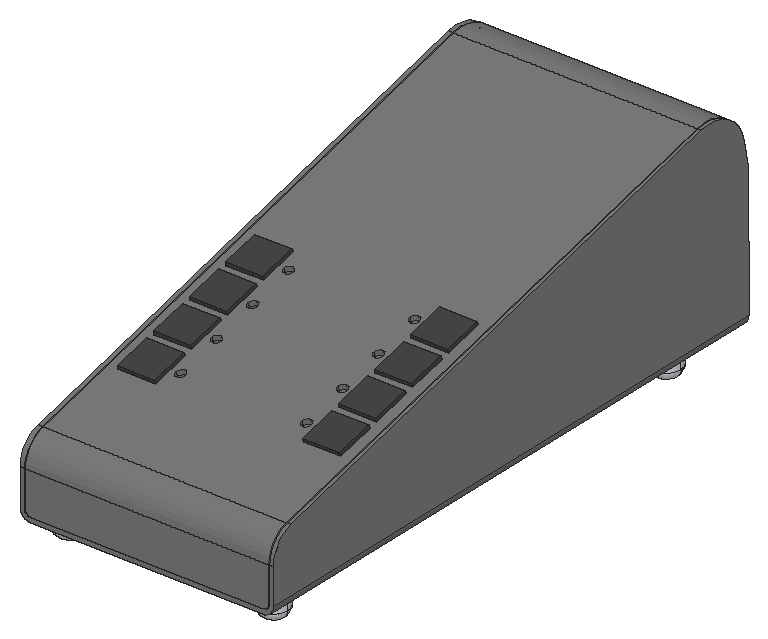
Revit family "LDA_BIM_MICROFONO-UNIDAD EXPANSION_MPS-8K", category Equipos especializados, Revit 2021
Family settings
  Cota de conector redondo = Diámetro de uso
  Tipo de pieza = Normal
  Número OmniClass = 23.85.05.17
  Título OmniClass = Complete Audio-Visual Systems
  Se basa en plano de trabajo = Sí
  Siempre vertical = No
  Corte con vacíos al cargar = Sí
  Compartido = No
  Punto de cálculo de habitación = No
Parameters (values of type "MPS-8K")
  URL = "http://support.lda-audiotech.com/sites/default/files/datasheets/LDA_MPS-8K_es.pdf"
  Accesorios = "Elementos de anclaje y conexión a MPS-8Z y etiqueta para identificador de botón"
  Dimensiones (W x H x D) = "86 x 75 x 200 mm / 3.4\" x 2.9\" x 7.9\""
  Material = "Fe 1,5 mm / 0,15\""
  Referencia = "LDAMPS8KS01"
  Condiciones de funcionamiento = "Entre -5ºC y +45ºC / 23ºF y 113ºF 5"
  Imagen de tipo = <Ninguno>
  Peso neto = "0,85 Kg / 1.9 lb"
  Botones = "8 x selección de zona"
  Peso bruto = "1,2 Kg / 2.6 lb"
  Dimensiones embalaje (W x H x D) = "380 x 100 x 320 mm / 15\" x 3.9\" x 12.6\""
  Keynote = ""
  Modelo = "MPS-8K"
  Fabricante = "LDA"
  Default Elevation = 0 mm
  Dibujado por = "bmate@ruybesa.es"
  Descripción = "Unidad de expansión modelo LDA MPS-8K para el micrófono de megafonía MPS-8Z."
  Assembly Code = ""
  Type Comments = ""
  Color = "Gris RAL 7016 y Negro RAL 9005"
Reference planes
  plane 1 "VH": y = 0
  plane 2 "HH": z = 0
  plane 3 "VV-1": x = 0
  plane 4 "Base": through (4267.2, -26.936, 22.88) normal (0, -0.2418, 0.9703)
  plane 5: through (4267.2, 153.346, 39.414) normal (0, -0.9781, -0.2079)
  plane 6 "VV": x = 42.7
  plane 7: y = 200
  plane 8: z = 75
Forms (mm)
  Sweep 1, solid
    path origin (0, 0, 0) x (1, 0, 0) y (0, 0, 1)
      loop
        line (0, 22.096) -> (0, 10)
        arc (0, 10) -> (1.025, 7.525) -> (3.5, 6.5) r 3.5
        line (3.5, 6.5) -> (81.9, 6.5)
        arc (81.9, 6.5) -> (84.375, 7.525) -> (85.4, 10) r 3.5
        line (85.4, 10) -> (85.4, 22.096)
    profile origin (0, 0, 16.048) x (0, -1, 0) y (1, 0, 0)
      loop
        line (0, 0) -> (0, 1.5) -> (-200, 1.5) -> (-200, 0) -> (0, 0)
  Extrusion 2, solid
    sketch origin (0, 0, 0) x (0, 1, 0) y (0, 0, 1)
      loop
        line (200, 22.096) -> (200, 55.013) -> (198.193, 63.515)
        arc (198.193, 63.515) -> (191.694, 72.796) -> (180.504, 74.57) r 14.5
        line (180.504, 74.57) -> (7.604, 31.487)
        arc (7.604, 31.487) -> (2.139, 28.138) -> (0, 22.096) r 9.6
        line (0, 22.096) -> (200, 22.096)
    from 0 to 1.5
  Extrusion 3, solid
    sketch origin (85.4, 0, 0) x (0, 1, 0) y (0, 0, -1)
      loop
        line (200, -22.096) -> (0, -22.096)
        arc (0, -22.096) -> (2.139, -28.138) -> (7.604, -31.487) r 9.6
        line (7.604, -31.487) -> (180.504, -74.57)
        arc (180.504, -74.57) -> (191.694, -72.796) -> (198.193, -63.515) r 14.5
        line (198.193, -63.515) -> (200, -55.013) -> (200, -22.096)
    from 0 to 1.5
  Revolve 4, solid
    sketch origin (0, 10.274, 0) x (1, 0, 0) y (0, 0, 1)
      loop
        line (8.25, 16.6) -> (6.25, 16.6) -> (4.851, 12.2) -> (4.851, 6.5) -> (3.5, 6.5) -> (3.5, 3)
        arc (3.5, 3) -> (4.379, 0.879) -> (6.5, 0) r 3
        line (6.5, 0) -> (8.25, 0) -> (8.25, 16.6)
      axis (8.25, 16.6) -> (8.25, 0)
    angle from 0 to 360
  Revolve 5, solid
    sketch origin (85.4, 10.274, 0) x (-1, 0, 0) y (0, 0, -1)
      loop
        line (8.25, -16.6) -> (8.25, 0) -> (6.5, 0)
        arc (6.5, 0) -> (4.379, -0.879) -> (3.5, -3) r 3
        line (3.5, -3) -> (3.5, -6.5) -> (4.851, -6.5) -> (4.851, -12.2) -> (6.25, -16.6) -> (8.25, -16.6)
      axis (8.25, -16.6) -> (8.25, 0)
    angle from 0 to 360
  Revolve 6, solid
    sketch origin (0, 175.852, 0) x (1, 0, 0) y (0, 0, -1)
      loop
        line (8.25, -16.6) -> (8.25, 0) -> (6.5, 0)
        arc (6.5, 0) -> (4.379, -0.879) -> (3.5, -3) r 3
        line (3.5, -3) -> (3.5, -6.5) -> (4.851, -6.5) -> (4.851, -12.2) -> (6.25, -16.6) -> (8.25, -16.6)
      axis (8.25, -16.6) -> (8.25, 0)
    angle from 0 to 360
  Revolve 7, solid
    sketch origin (85.4, 175.852, 0) x (-1, 0, 0) y (0, 0, 1)
      loop
        line (8.25, 16.6) -> (6.25, 16.6) -> (4.851, 12.2) -> (4.851, 6.5) -> (3.5, 6.5) -> (3.5, 3)
        arc (3.5, 3) -> (4.379, 0.879) -> (6.5, 0) r 3
        line (6.5, 0) -> (8.25, 0) -> (8.25, 16.6)
      axis (8.25, 16.6) -> (8.25, 0)
    angle from 0 to 360
  Extrusion 8, void
    sketch origin (4.574, -147.843, 0) x (0, 1, 0) y (1, 0, 0)
      loop
        circle (158.117, 3.676) r 3.4
    from -6.5 to -10
  Extrusion 9, void
    sketch origin (73.474, -147.843, 0) x (0, 1, 0) y (1, 0, 0)
      loop
        circle (158.117, 3.676) r 3.4
    from -6.5 to -10
  Extrusion 10, void
    sketch origin (4.574, 17.735, 0) x (0, 1, 0) y (1, 0, 0)
      loop
        circle (158.117, 3.676) r 3.4
    from -6.5 to -10
  Extrusion 11, void
    sketch origin (73.474, 17.735, 0) x (0, 1, 0) y (1, 0, 0)
      loop
        circle (158.117, 3.676) r 3.4
    from -6.5 to -10
  Extrusion 12, solid
    sketch origin (0, 0, 0) x (1, 0, 0) y (0, 0, 1)
      loop
        line (1.5, 18.395) -> (1.5, 9.97)
        arc (1.5, 9.97) -> (2.077, 8.577) -> (3.47, 8) r 1.97
        line (3.47, 8) -> (81.937, 8)
        arc (81.937, 8) -> (83.325, 8.575) -> (83.9, 9.963) r 1.963
        line (83.9, 9.963) -> (83.9, 18.395) -> (1.5, 18.395)
    from 0 to -1.5
  Extrusion 13, solid
    sketch origin (-72.5, 0, 0) x (0, 0, 1) y (0, 1, 0)
      loop
        line (31.487, 7.604) -> (74.57, 180.504)
        arc (74.57, 180.504) -> (72.796, 191.694) -> (63.515, 198.193) r 14.5
        line (63.515, 198.193) -> (55.013, 200) -> (16.6, 200) -> (16.6, 198.5) -> (54.856, 198.5) -> (63.203, 196.726)
        arc (63.203, 196.726) -> (71.524, 190.9) -> (73.114, 180.867) r 13
        line (73.114, 180.867) -> (30.019, 7.916)
        arc (30.019, 7.916) -> (27.194, 3.305) -> (22.096, 1.5) r 8.1
        line (22.096, 1.5) -> (18.395, 1.5) -> (18.395, 0) -> (22.096, 0)
        arc (22.096, 0) -> (28.138, 2.139) -> (31.487, 7.604) r 9.6
    from -156.4 to -74
  Extrusion 14, solid
    sketch origin (0, 7.283, 0.623) x (1, 0, 0) y (0, 0.97033, 0.241786)
      loop
        line (5.197, 95.19) -> (5.197, 82.577) -> (17.793, 82.577) -> (17.793, 95.19) -> (5.197, 95.19)
      loop
        line (67.607, 95.163) -> (67.607, 82.549) -> (80.202, 82.549) -> (80.202, 95.163) -> (67.607, 95.163)
      loop
        line (5.197, 79.59) -> (5.197, 66.977) -> (17.793, 66.977) -> (17.793, 79.59) -> (5.197, 79.59)
      loop
        line (67.607, 79.563) -> (67.607, 66.949) -> (80.202, 66.949) -> (80.202, 79.563) -> (67.607, 79.563)
      loop
        line (5.197, 63.99) -> (5.197, 51.377) -> (17.793, 51.377) -> (17.793, 63.99) -> (5.197, 63.99)
      loop
        line (67.607, 63.963) -> (67.607, 51.349) -> (80.202, 51.349) -> (80.202, 63.963) -> (67.607, 63.963)
      loop
        line (5.197, 48.39) -> (5.197, 35.777) -> (17.793, 35.777) -> (17.793, 48.39) -> (5.197, 48.39)
      loop
        line (67.607, 48.363) -> (67.607, 35.749) -> (80.202, 35.749) -> (80.202, 48.363) -> (67.607, 48.363)
    from 28.37 to 31
  Extrusion 15, solid
    sketch origin (0, 11.92, 0) x (1, 0, 0) y (0, 0, 1)
      loop
        arc (81.9, 8) -> (83.314, 8.586) -> (83.9, 10) r 2
        line (83.9, 10) -> (83.9, 16.6) -> (1.5, 16.6) -> (1.5, 10)
        arc (1.5, 10) -> (2.086, 8.586) -> (3.5, 8) r 2
        line (3.5, 8) -> (81.9, 8)
    from -186.58 to -188.08
  Extrusion 16, void
    sketch origin (0, 7.255, 0.616) x (-1, 0, 0) y (0, 0.97033, 0.241786)
      loop
        line (-5.194, 35.79) -> (-5.194, 48.39) -> (-17.789, 48.39) -> (-17.789, 35.79) -> (-5.194, 35.79)
      loop
        line (-5.194, 51.39) -> (-5.194, 63.99) -> (-17.789, 63.99) -> (-17.789, 51.39) -> (-5.194, 51.39)
      loop
        line (-5.194, 66.99) -> (-5.194, 79.59) -> (-17.789, 79.59) -> (-17.789, 66.99) -> (-5.194, 66.99)
      loop
        line (-5.194, 82.59) -> (-5.194, 95.19) -> (-17.789, 95.19) -> (-17.789, 82.59) -> (-5.194, 82.59)
      loop
        line (-80.197, 35.79) -> (-67.602, 35.79) -> (-67.602, 48.39) -> (-80.197, 48.39) -> (-80.197, 35.79)
      loop
        line (-80.197, 51.39) -> (-67.602, 51.39) -> (-67.602, 63.99) -> (-80.197, 63.99) -> (-80.197, 51.39)
      loop
        line (-80.197, 66.99) -> (-67.602, 66.99) -> (-67.602, 79.59) -> (-80.197, 79.59) -> (-80.197, 66.99)
      loop
        line (-80.197, 82.59) -> (-67.602, 82.59) -> (-67.602, 95.19) -> (-80.197, 95.19) -> (-80.197, 82.59)
      loop
        circle (-21.494, 42.095) r 1.65
      loop
        circle (-21.494, 57.693) r 1.648
      loop
        circle (-21.494, 73.295) r 1.65
      loop
        circle (-21.494, 88.893) r 1.652
      loop
        circle (-63.906, 42.095) r 1.65
      loop
        circle (-63.906, 57.693) r 1.648
      loop
        circle (-63.906, 73.295) r 1.65
      loop
        circle (-63.906, 88.893) r 1.652
    from -29.87 to -28.37
Cuts and joins
  Extrusion 16 cuts Extrusion 12
  Extrusion 16 cuts Extrusion 13
  Extrusion 16 cuts Extrusion 15
  joined: Extrusion 12, Extrusion 13, Extrusion 15
  Extrusion 8, Extrusion 9, Extrusion 10, Extrusion 11 cuts Sweep 1
  joined: Sweep 1, Extrusion 2, Extrusion 3
  Extrusion 16 cuts Extrusion 14
Lines and regions (mm)
  model lines, style "SERIGRAFIA FRONTAL"
    curve 1: arc (60.496, 89.366, 51.86) -> (60.971, 89.185, 51.815) -> (61.194, 88.741, 51.704) r 0.7
    curve 2: arc (61.194, 83.781, 50.468) -> (60.971, 83.336, 50.357) -> (60.496, 83.155, 50.313) r 0.7
    curve 3: arc (24.894, 83.155, 50.313) -> (24.399, 83.354, 50.362) -> (24.194, 83.835, 50.482) r 0.7
    curve 4: arc (24.194, 88.686, 51.691) -> (24.399, 89.167, 51.81) -> (24.894, 89.366, 51.86) r 0.7
    curve 5: arc (60.496, 89.172, 51.812) -> (60.833, 89.045, 51.78) -> (60.994, 88.732, 51.702) r 0.5
    curve 6: arc (60.994, 83.789, 50.47) -> (60.833, 83.476, 50.392) -> (60.496, 83.35, 50.361) r 0.5
    curve 7: arc (24.894, 83.35, 50.361) -> (24.54, 83.492, 50.396) -> (24.394, 83.835, 50.482) r 0.5
    curve 8: arc (24.394, 88.686, 51.691) -> (24.54, 89.029, 51.776) -> (24.894, 89.172, 51.812) r 0.5
    curve 9: arc (60.497, 74.231, 48.089) -> (60.992, 74.032, 48.039) -> (61.197, 73.552, 47.92) r 0.7
    curve 10: arc (61.197, 68.7, 46.711) -> (60.992, 68.22, 46.591) -> (60.497, 68.021, 46.541) r 0.7
    curve 11: arc (24.895, 68.021, 46.541) -> (24.4, 68.22, 46.591) -> (24.195, 68.7, 46.711) r 0.7
    curve 12: arc (24.195, 73.552, 47.92) -> (24.4, 74.032, 48.039) -> (24.895, 74.231, 48.089) r 0.7
    curve 13: arc (60.497, 74.037, 48.04) -> (60.85, 73.895, 48.005) -> (60.997, 73.552, 47.92) r 0.5
    curve 14: arc (60.997, 68.7, 46.711) -> (60.85, 68.357, 46.625) -> (60.497, 68.215, 46.59) r 0.5
    curve 15: arc (24.895, 68.215, 46.59) -> (24.541, 68.357, 46.625) -> (24.395, 68.7, 46.711) r 0.5
    curve 16: arc (24.395, 73.552, 47.92) -> (24.541, 73.895, 48.005) -> (24.895, 74.037, 48.04) r 0.5
    curve 17: arc (60.497, 59.091, 44.316) -> (60.992, 58.892, 44.267) -> (61.197, 58.412, 44.147) r 0.7
    curve 18: arc (61.197, 53.56, 42.938) -> (60.992, 53.08, 42.818) -> (60.497, 52.881, 42.769) r 0.7
    curve 19: arc (24.895, 52.881, 42.769) -> (24.4, 53.08, 42.818) -> (24.195, 53.56, 42.938) r 0.7
    curve 20: arc (24.195, 58.412, 44.147) -> (24.4, 58.892, 44.267) -> (24.895, 59.091, 44.316) r 0.7
    curve 21: arc (60.497, 58.897, 44.268) -> (60.851, 58.755, 44.232) -> (60.997, 58.412, 44.147) r 0.5
    curve 22: arc (60.997, 53.56, 42.938) -> (60.851, 53.217, 42.853) -> (60.497, 53.075, 42.817) r 0.5
    curve 23: arc (24.895, 53.075, 42.817) -> (24.541, 53.217, 42.853) -> (24.395, 53.56, 42.938) r 0.5
    curve 24: arc (24.395, 58.412, 44.147) -> (24.541, 58.755, 44.232) -> (24.895, 58.897, 44.268) r 0.5
    curve 25: arc (60.494, 43.956, 40.545) -> (60.989, 43.757, 40.495) -> (61.194, 43.277, 40.376) r 0.7
    curve 26: arc (61.194, 38.425, 39.167) -> (60.989, 37.945, 39.047) -> (60.494, 37.746, 38.997) r 0.7
    curve 27: arc (24.892, 37.746, 38.997) -> (24.397, 37.945, 39.047) -> (24.192, 38.425, 39.167) r 0.7
    curve 28: arc (24.192, 43.277, 40.376) -> (24.397, 43.757, 40.495) -> (24.892, 43.956, 40.545) r 0.7
    curve 29: arc (60.494, 43.762, 40.497) -> (60.847, 43.62, 40.461) -> (60.994, 43.277, 40.376) r 0.5
    curve 30: arc (60.994, 38.425, 39.167) -> (60.847, 38.082, 39.081) -> (60.494, 37.94, 39.046) r 0.5
    curve 31: arc (24.892, 37.94, 39.046) -> (24.538, 38.082, 39.081) -> (24.392, 38.425, 39.167) r 0.5
    curve 32: arc (24.392, 43.277, 40.376) -> (24.538, 43.62, 40.461) -> (24.892, 43.762, 40.497) r 0.5
    curve 33: line (61.194, 84.805, 50.724) -> (61.194, 88.741, 51.704)
    curve 34: line (61.194, 88.741, 51.704) -> (61.194, 83.781, 50.468)
    curve 35: line (61.194, 83.781, 50.468) -> (61.194, 87.716, 51.449)
    curve 36: line (60.496, 89.366, 51.86) -> (24.894, 89.366, 51.86)
    curve 37: line (24.894, 89.366, 51.86) -> (60.496, 89.366, 51.86)
    curve 38: line (24.194, 88.686, 51.691) -> (24.194, 83.835, 50.482)
    curve 39: line (24.194, 83.835, 50.482) -> (24.194, 88.686, 51.691)
    curve 40: line (60.496, 89.172, 51.812) -> (42.694, 89.172, 51.812)
    curve 41: line (42.694, 89.172, 51.812) -> (24.894, 89.172, 51.812)
    curve 42: line (24.894, 89.172, 51.812) -> (60.496, 89.172, 51.812)
    curve 43: line (24.394, 88.686, 51.691) -> (24.394, 83.835, 50.482)
    curve 44: line (24.394, 83.835, 50.482) -> (24.394, 88.686, 51.691)
    curve 45: line (60.994, 87.716, 51.449) -> (60.994, 83.789, 50.47)
    curve 46: line (60.994, 83.88, 50.493) -> (60.994, 88.732, 51.702)
    curve 47: line (60.994, 88.641, 51.679) -> (60.994, 84.805, 50.724)
    curve 48: line (24.894, 83.35, 50.361) -> (60.496, 83.35, 50.361)
    curve 49: line (60.496, 83.35, 50.361) -> (24.894, 83.35, 50.361)
    curve 50: line (24.894, 83.155, 50.313) -> (60.496, 83.155, 50.313)
    curve 51: line (60.496, 83.155, 50.313) -> (24.894, 83.155, 50.313)
    curve 52: line (60.497, 74.231, 48.089) -> (24.895, 74.231, 48.089)
    curve 53: line (24.895, 74.231, 48.089) -> (60.497, 74.231, 48.089)
    curve 54: line (24.195, 73.552, 47.92) -> (24.195, 68.7, 46.711)
    curve 55: line (24.195, 68.7, 46.711) -> (24.195, 73.552, 47.92)
    curve 56: line (42.695, 74.037, 48.04) -> (24.895, 74.037, 48.04)
    curve 57: line (24.895, 74.037, 48.04) -> (60.497, 74.037, 48.04)
    curve 58: line (24.395, 73.552, 47.92) -> (24.395, 68.7, 46.711)
    curve 59: line (24.395, 68.7, 46.711) -> (24.395, 73.552, 47.92)
    curve 60: line (24.895, 68.215, 46.59) -> (60.497, 68.215, 46.59)
    curve 61: line (60.497, 68.215, 46.59) -> (24.895, 68.215, 46.59)
    curve 62: line (24.895, 68.021, 46.541) -> (60.497, 68.021, 46.541)
    curve 63: line (60.497, 68.021, 46.541) -> (24.895, 68.021, 46.541)
    curve 64: line (61.197, 73.552, 47.92) -> (61.197, 68.7, 46.711)
    curve 65: line (60.997, 73.552, 47.92) -> (60.997, 68.7, 46.711)
    curve 66: line (60.497, 59.091, 44.316) -> (24.895, 59.091, 44.316)
    curve 67: line (24.895, 59.091, 44.316) -> (60.497, 59.091, 44.316)
    curve 68: line (24.195, 58.412, 44.147) -> (24.195, 53.56, 42.938)
    curve 69: line (24.195, 53.56, 42.938) -> (24.195, 58.412, 44.147)
    curve 70: line (42.695, 58.897, 44.268) -> (24.895, 58.897, 44.268)
    curve 71: line (24.895, 58.897, 44.268) -> (60.497, 58.897, 44.268)
    curve 72: line (24.395, 58.412, 44.147) -> (24.395, 53.56, 42.938)
    curve 73: line (24.395, 53.56, 42.938) -> (24.395, 58.412, 44.147)
    curve 74: line (24.895, 53.075, 42.817) -> (60.497, 53.075, 42.817)
    curve 75: line (60.497, 53.075, 42.817) -> (24.895, 53.075, 42.817)
    curve 76: line (24.895, 52.881, 42.769) -> (60.497, 52.881, 42.769)
    curve 77: line (60.497, 52.881, 42.769) -> (24.895, 52.881, 42.769)
    curve 78: line (61.197, 58.412, 44.147) -> (61.197, 53.56, 42.938)
    curve 79: line (60.997, 58.412, 44.147) -> (60.997, 53.56, 42.938)
    curve 80: line (60.494, 43.956, 40.545) -> (24.892, 43.956, 40.545)
    curve 81: line (24.892, 43.956, 40.545) -> (60.494, 43.956, 40.545)
    curve 82: line (24.192, 43.277, 40.376) -> (24.192, 38.425, 39.167)
    curve 83: line (24.192, 38.425, 39.167) -> (24.192, 43.277, 40.376)
    curve 84: line (42.692, 43.762, 40.497) -> (24.892, 43.762, 40.497)
    curve 85: line (24.892, 43.762, 40.497) -> (60.494, 43.762, 40.497)
    curve 86: line (24.392, 43.277, 40.376) -> (24.392, 38.425, 39.167)
    curve 87: line (24.392, 38.425, 39.167) -> (24.392, 43.277, 40.376)
    curve 88: line (24.892, 37.94, 39.046) -> (60.494, 37.94, 39.046)
    curve 89: line (60.494, 37.94, 39.046) -> (24.892, 37.94, 39.046)
    curve 90: line (24.892, 37.746, 38.997) -> (60.494, 37.746, 38.997)
    curve 91: line (60.494, 37.746, 38.997) -> (24.892, 37.746, 38.997)
    curve 92: line (61.194, 43.277, 40.376) -> (61.194, 38.425, 39.167)
    curve 93: line (60.994, 43.277, 40.376) -> (60.994, 38.425, 39.167)
    curve 94: circle (63.88, 86.289, 51.093) r 1.65 normal (0, -0.2418, 0.9703)
    curve 95: circle (63.898, 71.151, 47.321) r 1.65 normal (0, -0.2418, 0.9703)
    curve 96: circle (63.861, 55.996, 43.545) r 1.65 normal (0, -0.2418, 0.9703)
    curve 97: circle (21.494, 86.287, 51.093) r 1.65 normal (0, -0.2418, 0.9703)
    curve 98: spline (21.495, 72.754, 47.721) -> (21.068, 72.699, 47.707) -> (20.67, 72.539, 47.667) -> (20.328, 72.285, 47.604) -> (20.066, 71.953, 47.521) -> (19.901, 71.567, 47.425) -> (19.845, 71.153, 47.322) -> (19.901, 70.738, 47.218) -> (20.066, 70.352, 47.122) -> (20.328, 70.021, 47.04) -> (20.67, 69.766, 46.976) -> (21.068, 69.606, 46.936) -> (21.495, 69.552, 46.923) -> (21.922, 69.606, 46.936) -> (22.32, 69.766, 46.976) -> (22.661, 70.021, 47.04) -> (22.924, 70.352, 47.122) -> (23.088, 70.738, 47.218) -> (23.145, 71.153, 47.322) -> (23.088, 71.567, 47.425) -> (22.924, 71.953, 47.521) -> (22.661, 72.285, 47.604) -> (22.32, 72.539, 47.667) -> (21.922, 72.699, 47.707) -> (21.495, 72.754, 47.721)
    curve 99: spline (21.495, 57.614, 43.948) -> (21.068, 57.56, 43.935) -> (20.67, 57.4, 43.895) -> (20.329, 57.145, 43.831) -> (20.066, 56.814, 43.749) -> (19.902, 56.427, 43.652) -> (19.845, 56.013, 43.549) -> (19.902, 55.599, 43.446) -> (20.066, 55.213, 43.35) -> (20.329, 54.881, 43.267) -> (20.67, 54.626, 43.204) -> (21.068, 54.467, 43.164) -> (21.495, 54.412, 43.15) -> (21.922, 54.467, 43.164) -> (22.32, 54.626, 43.204) -> (22.662, 54.881, 43.267) -> (22.924, 55.213, 43.35) -> (23.089, 55.599, 43.446) -> (23.145, 56.013, 43.549) -> (23.089, 56.427, 43.652) -> (22.924, 56.814, 43.749) -> (22.662, 57.145, 43.831) -> (22.32, 57.4, 43.895) -> (21.922, 57.56, 43.935) -> (21.495, 57.614, 43.948)
    curve 100: spline (21.492, 42.479, 40.177) -> (21.065, 42.425, 40.163) -> (20.667, 42.265, 40.123) -> (20.325, 42.01, 40.06) -> (20.063, 41.679, 39.977) -> (19.898, 41.292, 39.881) -> (19.842, 40.878, 39.778) -> (19.898, 40.464, 39.675) -> (20.063, 40.078, 39.578) -> (20.325, 39.746, 39.496) -> (20.667, 39.491, 39.432) -> (21.065, 39.332, 39.393) -> (21.492, 39.277, 39.379) -> (21.919, 39.332, 39.393) -> (22.317, 39.491, 39.432) -> (22.658, 39.746, 39.496) -> (22.921, 40.078, 39.578) -> (23.085, 40.464, 39.675) -> (23.142, 40.878, 39.778) -> (23.085, 41.292, 39.881) -> (22.921, 41.679, 39.977) -> (22.658, 42.01, 40.06) -> (22.317, 42.265, 40.123) -> (21.919, 42.425, 40.163) -> (21.492, 42.479, 40.177)
    curve 101: circle (63.823, 40.842, 39.769) r 1.65 normal (0, -0.2418, 0.9703)
Dimensions and locks
  aligned and locked: plane 2 "HH" to level
